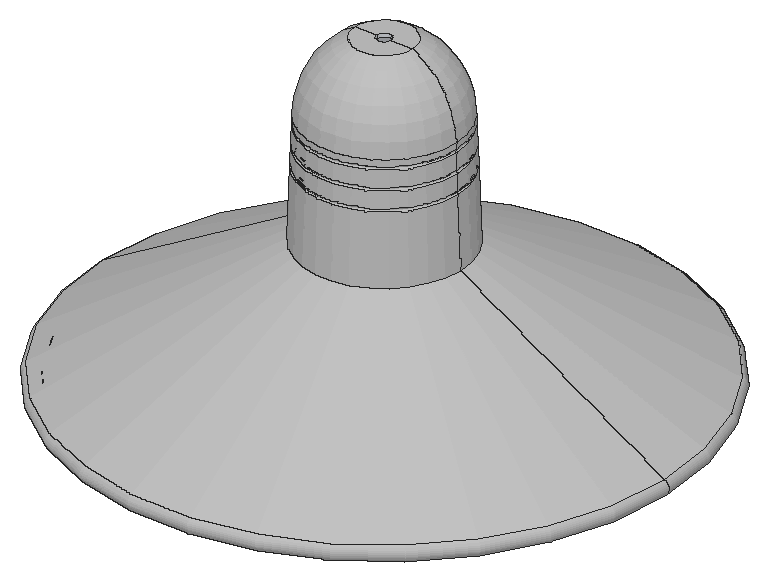
Revit family "HV20 SHADE", category Lighting Fixtures, Revit 2024
Family settings
  Round Connector Dimension = Use Diameter
  Part Type = Normal
  OmniClass Number = 23.80.70.00
  OmniClass Title = Lighting
  Work Plane-Based = No
  Always vertical = Yes
  Cut with Voids When Loaded = No
  Light Source = Yes
  Maintain Annotation Orientation = No
  Shared = No
  Room Calculation Point = No
Parameters
  Wattage = 12.1178 W
  built-in parameter 1150110 = 1 (stored number, unit not read)
  built-in parameter 1114217 = 1 (stored number, unit not read)
  built-in parameter 1150109 = 1 (stored number, unit not read)
  built-in parameter 1150134 = (empty or 0)
  built-in parameter 1150113 = 1 (stored number, unit not read)
  Lumens = 1800 lm
  built-in parameter 1150115 = 1 (stored number, unit not read)
  built-in parameter 1150105 = 572.96 (stored number, unit not read)
  Light Source Symbol Size = 2' - 0"
  built-in parameter 1150137 = (empty or 0)
  built-in parameter 1150139 = (empty or 0)
  built-in parameter 1150112 = 1 (stored number, unit not read)
  built-in parameter 1150114 = 1 (stored number, unit not read)
  built-in parameter 1150132 = 2
  built-in parameter 1150102 = (empty or 0)
  built-in parameter 1150138 = (empty or 0)
  built-in parameter 1150107 = 3000 (stored number, unit not read)
  built-in parameter 1150106 = 5.7296 (stored number, unit not read)
  built-in parameter 1150104 = 13.8 (stored number, unit not read)
  Dimming Lamp Color Temperature Shift = (empty or 0)
  Default Elevation = 0' - 0"
  Color Filter = 16777215
  built-in parameter 1114218 = 1 (stored number, unit not read)
  built-in parameter 1150133 = 10 (stored number, unit not read)
Reference planes (in)
  plane 1 "Light Source Axis (F/B)": y = 0
  plane 2: z = 0
  plane 3 "Light Source Axis (L/R)": x = 0
  plane 4 "Light Source Elevation": z = 54
Forms (in)
  Revolve 1, solid
    sketch origin (0, 0, 0) x (1, 0, 0) y (0, 0, 1)
      loop
        line (-9.61183, 54.58654) -> (-2.58322, 58.55716) -> (-2.49786, 60.90458)
        arc (-2.49786, 60.90458) -> (-2.44761, 61.00717) -> (-2.49036, 61.1131) r 0.14023
        line (-2.49036, 61.1131) -> (-2.47501, 61.55473)
        arc (-2.47501, 61.55473) -> (-2.42496, 61.65668) -> (-2.46682, 61.76226) r 0.14023
        line (-2.46682, 61.76226) -> (-2.45195, 62.2048)
        arc (-2.45195, 62.2048) -> (-2.40203, 62.30594) -> (-2.44272, 62.41112) r 0.14025
        line (-2.44272, 62.41112) -> (-2.44272, 62.57838)
        arc (-2.44272, 62.57838) -> (-2.04633, 63.95333) -> (-0.97884, 64.90625) r 2.58283
        line (-0.97884, 64.90625) -> (-0.25, 64.90625) -> (-0.25, 65) -> (-1, 65)
        arc (-1, 65) -> (-2.11994, 64.01234) -> (-2.53647, 62.57838) r 2.67658
        line (-2.53647, 62.57838) -> (-2.53647, 62.35835)
        arc (-2.53647, 62.35835) -> (-2.49578, 62.30858) -> (-2.5437, 62.26573) r 0.0465
        line (-2.5437, 62.26573) -> (-2.56243, 61.70861)
        arc (-2.56243, 61.70861) -> (-2.51865, 61.66008) -> (-2.56669, 61.61576) r 0.04648
        line (-2.56669, 61.61576) -> (-2.58606, 61.05866)
        arc (-2.58606, 61.05866) -> (-2.5413, 61.01052) -> (-2.58944, 60.96576) r 0.04648
        line (-2.58944, 60.96576) -> (-2.675, 58.61298) -> (-9.84997, 54.55969)
        arc (-9.84997, 54.55969) -> (-9.66648, 54.00189) -> (-9.61183, 54.58654) r 0.29991
      axis (0, 65) -> (0, 54.55969)
    angle from 0 to 360
Dimensions and locks (in)
  aligned and locked: plane 3 "Light Source Axis (L/R)" to imposter light
  aligned and locked: plane 1 "Light Source Axis (F/B)" to imposter light
  aligned and locked: plane 4 "Light Source Elevation" to imposter light
  aligned and locked: level to plane 2
